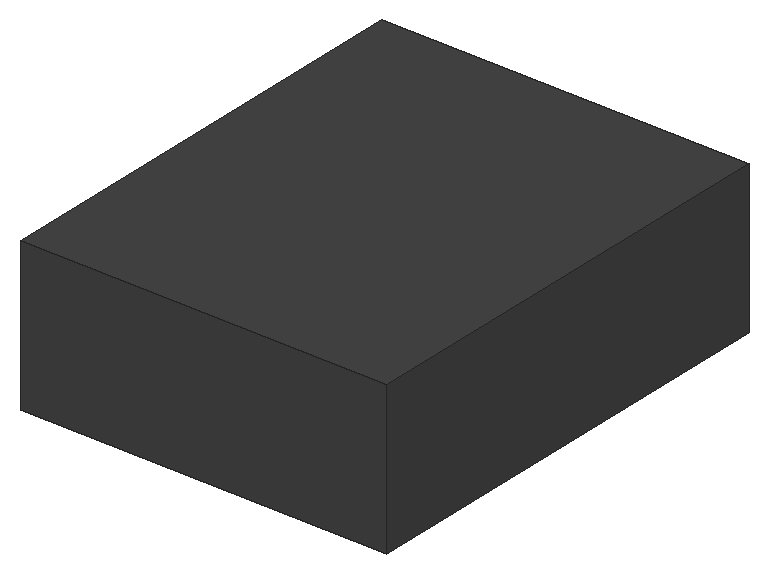
Revit family "A4S", category Lighting Fixtures, host Ceiling, Revit 2014
Parameters
  Width = 1' - 2 3/8"
  Wattage Comments = "50W"
  Wattage = 20.1963 W
  Warranty = "5 Year Warranty"
  Volts [instance] = 120 V
  built-in parameter 1150110 = 1 (stored number, unit not read)
  URL = "https://www.hubbell.com/prescolite/en"
  Trim = White
  built-in parameter 1114217 = 1 (stored number, unit not read)
  Tilt Angle = 60.00°
  built-in parameter 1150109 = 1 (stored number, unit not read)
  built-in parameter 1150134 = (empty or 0)
  built-in parameter 1150113 = 1 (stored number, unit not read)
  Reflector = none
  Product Page URL = "https://www.hubbell.com/hubbelllightingci/en/Products/Lighting-Controls/Commercial-Indoor-Lighting/Recessed-Downlights/A4A4S/p/246719"
  Product Documentation Link = "https://hubbellcdn.com/catalogpage/pre_a4a4sa4mricat_psg.pdf"
  Photometric Web Link = "https://www.hubbell.com/hubbelllightingci/en/Products/Lighting-Controls/Commercial-Indoor-Lighting/Recessed-Downlights/A4A4S/p/246719#prod-resources-section"
  Photometric Web File = "a4smr-4b1whwt_30_degree_lamp_50mr16q_25_nfl_t_fpc.ies"
  Model = "A4S"
  Manufacturer = "PRESCOLITE"
  Lumens = 3000 lm
  built-in parameter 1150115 = 1 (stored number, unit not read)
  built-in parameter 1150105 = 238.73 (stored number, unit not read)
  built-in parameter 1150137 = (empty or 0)
  built-in parameter 1150139 = (empty or 0)
  Lens_Material [instance] = none
  Length = 0' - 11 11/16"
  built-in parameter 1150112 = 1 (stored number, unit not read)
  built-in parameter 1150114 = 1 (stored number, unit not read)
  Lamp = "50W MR16"
  built-in parameter 1150132 = 2
  built-in parameter 1150102 = (empty or 0)
  built-in parameter 1150138 = (empty or 0)
  built-in parameter 1150107 = 3000 (stored number, unit not read)
  built-in parameter 1150106 = 2.3873 (stored number, unit not read)
  Features = "45º vertical and 362º horizontal aiming\r\n45º vertical aiming with visual aiming markers\r\nAll trims feature center beam optics\r\nElectronic transformer standard (low voltage models)\r\nHot aiming standard for all trims\r\nHorizontal and vertical adjustment can be locked in position\r\nB24 bar hangers sold separately for T-bar ceilings"
  built-in parameter 1150104 = 13.8 (stored number, unit not read)
  Dimming Lamp Color Temperature Shift = <None>
  Description = "4\" ADJUSTABLE DOWNLIGHTS"
  Depth = 0' - 4 13/16"
  Contact Us = "https://www.hubbell.com/hubbelllightingci/en/contactUs?productId=246719"
  Color Filter = 16777215
  Certifications = "CSA,Chicago Plenum,Non-IC,UL"
  built-in parameter 1114218 = 1 (stored number, unit not read)
  built-in parameter 1150133 = 10 (stored number, unit not read)
Reference planes (in)
  plane 1 "Light Source Axis (F/B)": y = -3.44659
  plane 2 "Ceiling": z = 96
  plane 3 "Light Source Axis (L/R)": x = 3.22629
  plane 4 "Light Source Elevation": z = 95
  plane 5: x = -2.61746
  plane 6: x = 9.07004
  plane 7: y = 3.74091
  plane 8: y = -10.63409
  plane 9: z = 100.8125
  plane 10 "End": z = 95.5
Forms (in)
  Extrusion 1, solid, material "Black"
    sketch origin (0, 0, 96) x (1, 0, 0) y (0, 1, 0)
      loop
        line (-2.61746, 3.74091) -> (-2.61746, -10.63409) -> (9.07004, -10.63409) -> (9.07004, 3.74091) -> (-2.61746, 3.74091)
    from 0 to 4.8125
  Extrusion 2, solid, material "White" <- "Trim"
    sketch origin (0, 0, 95.5) x (0, 1, 0) y (-1, 0, 0)
      loop
        circle (-3.49638, -3.22629) r 2.25
      loop
        circle (-3.49638, -3.22629) r 2
    from 0 to -0.09375
  Revolve 3, solid, material <- "Reflector"
    sketch origin (3.22629, 0, 0.5) x (0, 1, 0) y (0, 0, 1)
      loop
        line (-5.4466, 95.00058) -> (-5.41534, 95.00058)
        arc (-5.41534, 95.00058) -> (-5.34922, 95.86045) -> (-5.1212, 96.69216) r 4.52599
        line (-5.1212, 96.69216) -> (-3.44659, 96.69216) -> (-3.44659, 96.72341) -> (-5.1427, 96.72341)
        arc (-5.1427, 96.72341) -> (-5.3781, 95.87672) -> (-5.4466, 95.00058) r 4.55724
      axis (-3.44659, 96.72341) -> (-3.44659, 95.00058)
    angle from 0 to 360
  Extrusion 4, void
    sketch origin (0, 0, 96) x (1, 0, 0) y (0, 1, 0)
      loop
        circle (3.22629, -3.44659) r 2
    from 1.2542 to 0
Cuts and joins
  Extrusion 4 cuts Extrusion 1
Dimensions and locks (in)
  equal spacing: host sketch curve, plane 3 "Light Source Axis (L/R)", host sketch curve
  equal spacing: host sketch curve, plane 1 "Light Source Axis (F/B)", host sketch curve
  host sketch curve to host sketch curve = 10' - 0"  (x2)
  "Length": plane 5 to plane 6
  "Width": plane 7 to plane 8
  equal spacing: plane 7, plane 1 "Light Source Axis (F/B)", plane 8
  equal spacing: plane 5, plane 3 "Light Source Axis (L/R)", plane 6
  aligned and locked: plane 3 "Light Source Axis (L/R)" to imposter light
  aligned and locked: plane 1 "Light Source Axis (F/B)" to imposter light
  aligned and locked: plane 4 "Light Source Elevation" to imposter light
  aligned and locked: Extrusion 1 to plane 8
  aligned and locked: plane 6 to Extrusion 1
  aligned and locked: plane 7 to Extrusion 1
  aligned and locked: Extrusion 1 to plane 5
  aligned and locked: plane 9 to Extrusion 1
  aligned and locked: Extrusion 4 to plane 2 "Ceiling"
Automatic sketch dimensions
  Extrusion 1 sketch curve to plane 5 = 0' - 0"
  Extrusion 1 sketch curve to plane 6 = 0' - 0"
  Extrusion 1 sketch curve to plane 8 = 0' - 0"
  Extrusion 1 sketch curve to plane 7 = 0' - 0"
  Extrusion 2 sketch curve to Extrusion 2 sketch curve = 0' - 0"  (x2)
  Extrusion 2 sketch curve to plane 3 "Light Source Axis (L/R)" = 0' - 0"
  plane 1 "Light Source Axis (F/B)" to Extrusion 2 sketch curve = 0' - 0.04979"
  Revolve 3 sketch curve to Revolve 3 sketch curve = 0' - 0"  (x2)
  Revolve 3 sketch curve to plane 1 "Light Source Axis (F/B)" = 0' - 0"  (x2)
  plane 1 "Light Source Axis (F/B)" to Revolve 3 sketch curve = 0' - 1.67461"
  Revolve 3 sketch curve to Revolve 3 sketch curve = 0' - 0.0215"
  Revolve 3 sketch curve to plane 4 "Light Source Elevation" = 0' - 0.50058"
  Revolve 3 sketch curve to Revolve 3 sketch curve = 0' - 0.29414"
  Revolve 3 sketch curve to Revolve 3 sketch curve = 0' - 0 1/32"
  Revolve 3 sketch curve to plane 4 "Light Source Elevation" = 0' - 0.58507"
  Revolve 3 sketch curve to plane 1 "Light Source Axis (F/B)" = 0' - 2.55644"
  plane 4 "Light Source Elevation" to Revolve 3 sketch curve = 0' - 0.40545"
  Revolve 3 sketch curve to Revolve 3 sketch curve = 0' - 0.42491"
  Extrusion 4 sketch curve to plane 1 "Light Source Axis (F/B)" = 0' - 0"
  Extrusion 4 sketch curve to plane 3 "Light Source Axis (L/R)" = 0' - 0"
  radius of Extrusion 2 sketch curve = 0' - 2 1/4"
  radius of Extrusion 2 sketch curve = 0' - 2"
  radius of Extrusion 4 sketch curve = 0' - 2"
Connectors (in)
  electrical at (3.22629, -10.63409, 98.40625), driven by "Volts"
    settings: on Extrusion 1, index 1, voltage 120 V, apparent load 0 VA, apparent load phase1 0 VA, apparent load phase2 0 VA, apparent load phase3 0 VA, power factor 1, load classification "Other", number of poles 1, system type 30, power factor state 1, is connector primary yes, connector utility no, sub classification motor no, connector description ""
